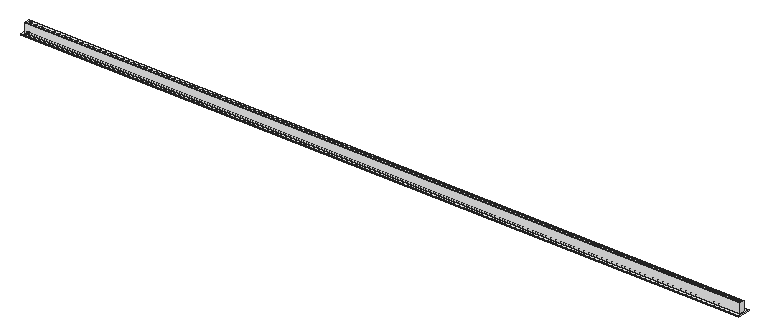
Revit family "STH21951BR_27_STH21951PTO_27", category Luminárias, Revit 2023
Family settings
  Hospedeiro = Forro
  Cota do conector redondo = Utilizar diâmetro
  Tipo de parte = Normal
  Número OmniClass = 23.80.70.11
  Título OmniClass = Luminaries for Internal Lighting
  Sempre na vertical = Sim
  Corte com vazios quando carregada = Não
  Fonte luminosa = Sim
  Manter orientação da anotação = Não
  Compartilhado = Não
  Ponto de cálculo do ambiente = Não
Parameters (values of type "STH21951BR/27 - BRANCO - 1m - 2700K - 220lm - 110°")
  Ângulo de inclinação = 90.00°
  Ângulo de Abertura = "110°"
  Wattage = 1.48106 W
  URL = "https://stella.com.br/"
  Troca de temperatura da cor de lâmpada com esmaecimento = <Nenhum>
  Tensão Elétrica = "24V"
  built-in parameter 1150107 = 2700 (stored number, unit not read)
  Temperatura da cor (K) = 2700 K
  Referência = "STH21951BR/27 - BRANCO - 1m"
  Potência = 5 W
  built-in parameter 1150110 = 1 (stored number, unit not read)
  built-in parameter 1150109 = 1 (stored number, unit not read)
  built-in parameter 1114218 = 1 (stored number, unit not read)
  built-in parameter 1150112 = 1 (stored number, unit not read)
  built-in parameter 1150113 = 1 (stored number, unit not read)
  built-in parameter 1150132 = 2
  built-in parameter 1150137 = (empty or 0)
  Modelo = "Archi"
  Luminoso = Luminoso - 2700K
  built-in parameter 1150106 = 0.17507 (stored number, unit not read)
  Largura = 0.016 m
  built-in parameter 1150102 = (empty or 0)
  built-in parameter 1150105 = 17.507 (stored number, unit not read)
  IRC (Índice de reprodução de cores) = ">93 (R9 >60)"
  Grau de proteção (IP) = "IP20"
  Fluxo Luminoso = 220 lm
  Color Filter = 16777215
  built-in parameter 1114217 = 1 (stored number, unit not read)
  built-in parameter 1150139 = (empty or 0)
  Fabricante = "Stella"
  Estrutura = Al - Branco
  Default Elevation = 0.00 m
  built-in parameter 1150104 = 13.8 (stored number, unit not read)
  Dimerização = "Não dimerizável"
  built-in parameter 1150115 = 1 (stored number, unit not read)
  built-in parameter 1150114 = 1 (stored number, unit not read)
  Lumens = 220 lm
  built-in parameter 1150138 = (empty or 0)
  built-in parameter 1150134 = (empty or 0)
  Comprimento = 1.016 m
  Arquivo de rede fotométrica = "STELLA - STH21951BR-27 - ARCHI - PERFIL DE EMBUTIR PLANO 16mm.ies"
  Altura = 0.014 m
  built-in parameter 1150133 = 10 (stored number, unit not read)
Types (3, lengths in m): name | Wattage | Referência | built-in parameter 1150106 | built-in parameter 1150105 | Fluxo Luminoso | Estrutura | Lumens | Arquivo de rede fotométrica
  (no name) | 1.48106 W | "STH21951BR/27 - BRANCO - 1m" | 0.17507 (stored number, unit not read) | 17.507 (stored number, unit not read) | 220 lm | Al - Branco | 220 lm | "STELLA - STH21951BR-27 - ARCHI - PERFIL DE EMBUTIR PLANO 16mm.ies"
  STH21951BR/27 - BRANCO - 1m - 2700K - 220lm - 110° | 1.48106 W | "STH21951BR/27 - BRANCO - 1m" | 0.17507 (stored number, unit not read) | 17.507 (stored number, unit not read) | 220 lm | Al - Branco | 220 lm | "STELLA - STH21951BR-27 - ARCHI - PERFIL DE EMBUTIR PLANO 16mm.ies"
  STH21951PTO/27 - PRETO - 1m - 2700K - 110lm - 110° | 0.740531 W | "STH21951PTO/27 - PRETO - 1m" | 0.40529 (stored number, unit not read) | 40.529 (stored number, unit not read) | 110 lm | Al - Preto | 110 lm | "STELLA - STH21951PTO-27 - ARCHI - PERFIL DE EMBUTIR PLANO 16mm.ies"
Reference planes (m)
  plane 1 "Eixo de origem da luz (F/T)": y = 0
  plane 2 "Forro": z = 2.4384
  plane 3 "Eixo de origem da luz (E/D)": x = 0
  plane 4 "Elevação da origem da luz": z = 2.43398
  plane 5: y = 0.008
  plane 6: y = -0.008
  plane 7: x = -0.508
  plane 8: x = 0.508
  plane 9 "Inferior": z = 2.4374
  plane 10 "Superior": z = 2.4514
  plane 11 "Base": z = 2.4384
  plane 12 "Conector": z = 2.4474
Forms (m)
  Extrusion 1, solid, material "Al - Branco" <- "Estrutura"
    sketch origin (0, -0.000002, 2.43398) x (0, -1, 0) y (1, 0, 0)
      loop
        line (-0.008002, -0.5086) -> (0.007998, -0.5086) -> (0.007998, 0.5086) -> (-0.008002, 0.5086) -> (-0.008002, -0.5086)
      loop
        line (0.002798, 0.504) -> (-0.002802, 0.504) -> (-0.002802, -0.504) -> (0.002798, -0.504) -> (0.002798, 0.504)
    from 0.00342 to 0.00442
  Extrusion 2, void
    sketch origin (0, 0.05, 2.43398) x (0, -1, 0) y (1, 0, 0)
      loop
        line (0.042, -0.5086) -> (0.058, -0.5086) -> (0.058, 0.5086) -> (0.042, 0.5086) -> (0.042, -0.5086)
    from 0.00342 to 0.01742
  Extrusion 3, solid, material "Al - Branco" <- "Estrutura"
    sketch origin (0, 0, 0) x (0, 1, 0) y (0, 0, 1)
      loop
        line (-0.004, 2.4384) -> (-0.0028, 2.4384) -> (-0.0028, 2.4474) -> (0.0028, 2.4474) -> (0.0028, 2.4384) -> (0.004, 2.4384) -> (0.004, 2.4514) -> (0.0015, 2.4514) -> (0.0015, 2.4504) -> (0.003, 2.4504) -> (0.003, 2.4484) -> (-0.003, 2.4484) -> (-0.003, 2.4504) -> (-0.0015, 2.4504) -> (-0.0015, 2.4514) -> (-0.004, 2.4514) -> (-0.004, 2.4384)
    from -0.504 to 0.504
  Extrusion 4, solid, material "Al - Branco" <- "Estrutura"
    sketch origin (0, 0, 0) x (0, 1, 0) y (0, 0, 1)
      loop
        line (-0.004, 2.4514) -> (-0.004, 2.4384) -> (0.004, 2.4384) -> (0.004, 2.4514) -> (-0.004, 2.4514)
    from 0.504 to 0.5055
  Extrusion 5, solid, material "Al - Branco" <- "Estrutura"
    sketch origin (0, 0, 0) x (0, 1, 0) y (0, 0, -1)
      loop
        line (-0.004, -2.4514) -> (0.004, -2.4514) -> (0.004, -2.4384) -> (-0.004, -2.4384) -> (-0.004, -2.4514)
    from 0.504 to 0.5055
  Extrusion 6, solid, material "Luminoso - 2700K" <- "Luminoso"
    sketch origin (0, -0.02, 0) x (0, 1, 0) y (0, 0, 1)
      loop
        line (0.0181, 2.438036) -> (0.0181, 2.440042)
        spline (0.0181, 2.440042) -> (0.017982, 2.440237) -> (0.017809, 2.440317) -> (0.017673, 2.440341) -> (0.017515, 2.440336) -> (0.017347, 2.440305) -> (0.017216, 2.440245) -> (0.017141, 2.440185) -> (0.017108, 2.4401) -> (0.017106, 2.43996) -> (0.017153, 2.439816) -> (0.01726, 2.439752) -> (0.017292, 2.439537)
        spline (0.017292, 2.439537) -> (0.017275, 2.43892) -> (0.017273, 2.438574) -> (0.017273, 2.438386) -> (0.017259, 2.438265) -> (0.017203, 2.438183) -> (0.017077, 2.438121) -> (0.016909, 2.438055) -> (0.016768, 2.437957) -> (0.016714, 2.437809) -> (0.016721, 2.437643) -> (0.016745, 2.437505) -> (0.016871, 2.437375)
        arc (0.016871, 2.437375) -> (0.02, 2.43715) -> (0.023129, 2.437375) r 0.021905
        spline (0.023129, 2.437375) -> (0.023255, 2.437505) -> (0.023279, 2.437643) -> (0.023286, 2.437809) -> (0.023232, 2.437957) -> (0.023091, 2.438055) -> (0.022923, 2.438121) -> (0.022797, 2.438183) -> (0.022741, 2.438265) -> (0.022727, 2.438386) -> (0.022727, 2.438574) -> (0.022725, 2.43892) -> (0.022708, 2.439537)
        spline (0.022708, 2.439537) -> (0.02274, 2.439752) -> (0.022847, 2.439816) -> (0.022894, 2.43996) -> (0.022892, 2.4401) -> (0.022859, 2.440185) -> (0.022784, 2.440245) -> (0.022653, 2.440305) -> (0.022485, 2.440336) -> (0.022327, 2.440341) -> (0.022191, 2.440317) -> (0.022018, 2.440237) -> (0.0219, 2.440042)
        line (0.0219, 2.440042) -> (0.0219, 2.438036)
        arc (0.0219, 2.438036) -> (0.02, 2.43795) -> (0.0181, 2.438036) r 0.021105
    from -0.504 to 0.504
Cuts and joins
  joined: Extrusion 1, Extrusion 3, Extrusion 4, Extrusion 5
Dimensions and locks (m)
  equal spacing: host sketch curve, plane 3 "Eixo de origem da luz (E/D)", host sketch curve
  equal spacing: host sketch curve, plane 1 "Eixo de origem da luz (F/T)", host sketch curve
  host sketch curve to host sketch curve = 1.0332 m
  host sketch curve to host sketch curve = 0.032 m
  "Altura": plane 10 "Superior" to plane 9 "Inferior"
  "Comprimento": plane 7 to plane 8
  "Largura": plane 5 to plane 6
  aligned and locked: host ceiling to Extrusion 1
  aligned and locked: Extrusion 1 to plane 9 "Inferior"
Automatic sketch dimensions
  plane 8 to Extrusion 1 sketch curve = 0.0006 m
  Extrusion 1 sketch curve to plane 5 = 0.00 m
  Extrusion 1 sketch curve to Extrusion 1 sketch curve = 0.0052 m  (x2)
  Extrusion 1 sketch curve to Extrusion 1 sketch curve = 0.0056 m
  Extrusion 1 sketch curve to plane 7 = 0.0006 m
  plane 7 to Extrusion 1 sketch curve = 0.004 m
  Extrusion 1 sketch curve to plane 8 = 0.004 m
  plane 8 to Extrusion 2 sketch curve = 0.0006 m
  Extrusion 2 sketch curve to plane 5 = 0.00 m
  Extrusion 2 sketch curve to plane 7 = 0.0006 m
  Extrusion 2 sketch curve to Extrusion 2 sketch curve = 0.016 m
  Extrusion 3 sketch curve to plane 2 "Forro" = 0.00 m  (x2)
  Extrusion 3 sketch curve to plane 10 "Superior" = 0.00 m  (x2)
  plane 1 "Eixo de origem da luz (F/T)" to Extrusion 3 sketch curve = 0.004 m
  Extrusion 3 sketch curve to Extrusion 3 sketch curve = 0.001 m  (x3)
  Extrusion 3 sketch curve to Extrusion 3 sketch curve = 0.0012 m
  plane 1 "Eixo de origem da luz (F/T)" to Extrusion 3 sketch curve = 0.0015 m
  Extrusion 3 sketch curve to plane 1 "Eixo de origem da luz (F/T)" = 0.0015 m
  Extrusion 3 sketch curve to plane 1 "Eixo de origem da luz (F/T)" = 0.0028 m
  Extrusion 3 sketch curve to Extrusion 3 sketch curve = 0.0002 m
  Extrusion 3 sketch curve to plane 10 "Superior" = 0.004 m
  Extrusion 3 sketch curve to plane 10 "Superior" = 0.001 m  (x2)
  Extrusion 4 sketch curve to plane 2 "Forro" = 0.00 m
  Extrusion 4 sketch curve to plane 10 "Superior" = 0.00 m
  plane 1 "Eixo de origem da luz (F/T)" to Extrusion 4 sketch curve = 0.004 m
  Extrusion 4 sketch curve to plane 1 "Eixo de origem da luz (F/T)" = 0.004 m
  Extrusion 5 sketch curve to plane 2 "Forro" = 0.00 m
  Extrusion 5 sketch curve to plane 10 "Superior" = 0.00 m
  plane 1 "Eixo de origem da luz (F/T)" to Extrusion 5 sketch curve = 0.004 m
  Extrusion 5 sketch curve to plane 1 "Eixo de origem da luz (F/T)" = 0.004 m
  Extrusion 6 sketch curve to Extrusion 6 sketch curve = 0.00 m  (x2)
  Extrusion 6 sketch curve to plane 9 "Inferior" = 0.000025 m  (x2)
  Extrusion 6 sketch curve to plane 5 = 0.011129 m
  plane 2 "Forro" to Extrusion 6 sketch curve = 0.001137 m  (x2)
  Extrusion 6 sketch curve to Extrusion 6 sketch curve = 0.00042 m
  plane 2 "Forro" to Extrusion 6 sketch curve = 0.001642 m  (x2)
  Extrusion 6 sketch curve to Extrusion 6 sketch curve = 0.000808 m  (x2)
  Extrusion 6 sketch curve to plane 5 = 0.008 m
  Extrusion 6 sketch curve to Extrusion 6 sketch curve = 0.0038 m
  Extrusion 6 sketch curve to plane 2 "Forro" = 0.000364 m
  plane 10 "Superior" to Extrusion 6 sketch curve = 0.007655 m
Connectors (m)
  electrical at (0, 0, 2.4474)
    settings: index 1, voltage 0 V, apparent load 0 VA, apparent load phase1 0 VA, apparent load phase2 0 VA, apparent load phase3 0 VA, power factor 1, load classification "Outro", number of poles 1, system type 31, power factor state 1, is connector primary yes, connector utility no, sub classification motor no, connector description ""
